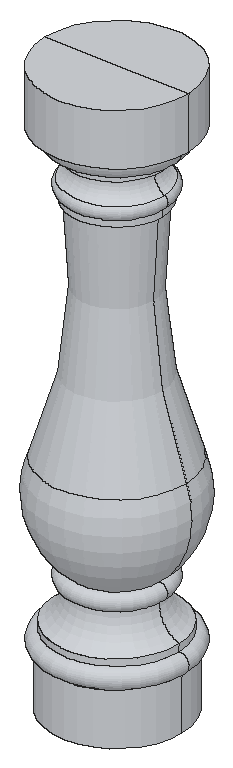
Revit family
Parameters (values of type "Balustrade G22")
  Width = 0' - 5 1/2"
  URL = "www.strombergarchitectural.com"
  Top Material = none
  Submittal Sheet = "www.strombergarchitectural.com/images/materials/gfrc/submittal/gfrc-submittal-sheet.pdf"
  Specifications = "www.strombergarchitectural.com/gfrcspecifications"
  Model Cut-sheet = "http://www.strombergarchitectural.com/products/balustrade/design/G22"
  Model = "Balustrade G22"
  Manufacturer = "Stromberg Architectural Products"
  Guidebook = "www.strombergarchitectural.com/images/materials/gfrc/handbooks/gfrc_guidebook.pdf   \r\n(http://www.strombergarchitectural.com/images/materials/gfrc/handbooks/gfrc_guidebook.pdf"
  Description = "GFRC Baluster"
  Assembly Code = ""
  Height = 1' - 10"
  XXX.5 = no
  XXX.4 = no
  XXX.3 = no
  XXX.2 = no
  XXX.1 = yes
Reference planes (in)
  plane 1 "Center (Front/Back)": y = 3.74847
  plane 2: z = 0
  plane 3 "Center (Left/Right)": x = 0.7278
  plane 4 "Front": y = -3.25153
  plane 5 "Back": y = 10.74847
  plane 6 "Left": x = -17.2722
  plane 7 "Right": x = 18.7278
Forms (in)
  Revolve 1, solid
    sketch origin (0, 3.74847, 0) x (1, 0, 0) y (0, 0, 1)
      loop
        line (0.7278, 22) -> (-2.0222, 22) -> (-2.0222, 20) -> (-1.7722, 20)
        arc (-1.7722, 20) -> (-1.55253, 19.46967) -> (-1.0222, 19.25) r 0.75
        line (-1.0222, 19.25) -> (-1.0222, 19) -> (-0.7722, 19)
        arc (-0.7722, 19) -> (-0.77958, 18.5275) -> (-1.10542, 18.18524) r 0.64904
        arc (-1.10542, 18.18524) -> (-1.20662, 17.91249) -> (-1.0222, 17.6875) r 0.29225
        line (-1.0222, 17.6875) -> (-1.0222, 17.4375) -> (-0.8972, 17.4375)
        arc (-0.8972, 17.4375) -> (-0.80209, 12.94761) -> (-1.93309, 8.60145) r 16.33706
        arc (-1.93309, 8.60145) -> (-2.04102, 6.56425) -> (-0.8972, 4.875) r 3.20337
        arc (-0.8972, 4.875) -> (-1.2097, 4.5625) -> (-0.8972, 4.25) r 0.3125
        arc (-0.8972, 4.25) -> (-1.0823, 3.51106) -> (-1.6472, 3) r 1.31014
        line (-1.6472, 3) -> (-1.6472, 2.75)
        arc (-1.6472, 2.75) -> (-2.0222, 2.375) -> (-1.6472, 2) r 0.375
        line (-1.6472, 2) -> (-1.7722, 2) -> (-1.7722, 0) -> (0.7278, 0) -> (0.7278, 22)
      axis (0.7278, 22) -> (0.7278, 0)
    angle from 0 to 360
Dimensions and locks (in)
  aligned and locked: level to plane 2
